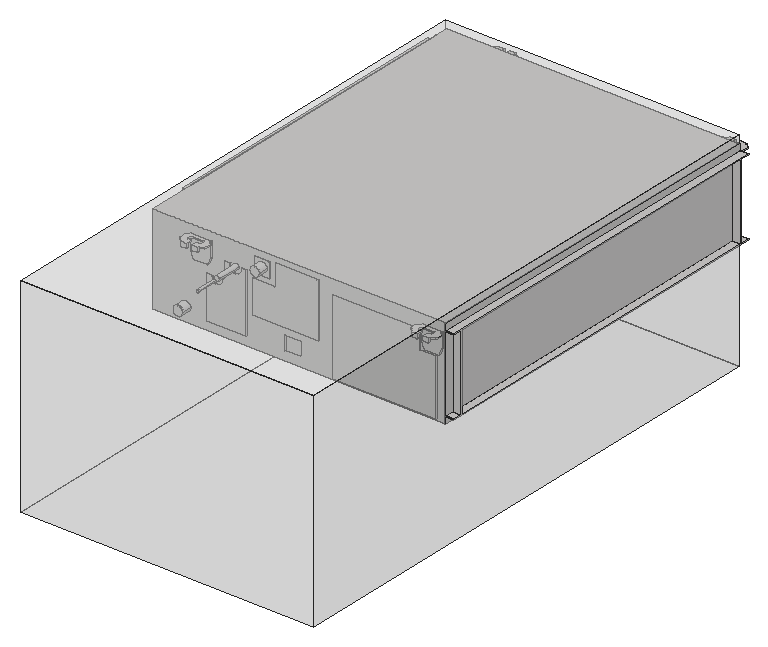
Revit family "outputfile", category 機械設備, Revit 2024
Family settings
  丸型コネクタ寸法 = 半径を使用
  パーツ タイプ = 標準
  OmniClass 番号 = 23.75.10.24.21.27.27
  OmniClass タイトル = Split System Air Conditioning Units
  作業面ベース = いいえ
  常に垂直 = はい
  ロード時にボイドで切り取り = いいえ
  注釈の向きを維持 = いいえ
  共有 = いいえ
  部屋計算ポイント = はい
Parameters (values of type "FXSA63AVM4")
  製造元 = "Daikin"
  書き出し IFC クラス(タイプ) = "IfcUnitaryEquipmentType"
  定義済み IFC タイプ(タイプ) = "AIRCONDITIONINGUNIT"
  モデル = "FXSA63AVM4"
  switch_frequency = yes
  r_Liquid Pipe Size = Liquid Pipe Size / 2  # 3.2 mm
  r_Gas Pipe Size = Gas Pipe Size / 2  # 6.35 mm
  r_Drain Pipe Size = Drain Pipe Size / 2  # 12.5 mm
  lw_power = 770.0 mm
  lh_SA = 138.0 mm
  lw_SA = if(Width = 550.0 mm, 225.0 mm, if(Width = 700.0 mm, 300.0 mm, if(Width = 1000.0 mm, 450.0 mm, if(Width = 1400.0 mm, 650.0 mm, 725.0 mm))))  # 450.0 mm
  lw_RA = if(Width = 550.0 mm, 275.0 mm, if(Width = 700.0 mm, 349.0 mm, if(Width = 1000.0 mm, 499.0 mm, if(Width = 1400.0 mm, 699.0 mm, 775.0 mm))))  # 499.0 mm
  lh_power = 60.0 mm + [h***]  # 60.0 mm
  lh_mountinghole1 = lh_mountinghole + [h***]  # 222.0 mm
  lh_RA = 123.0 mm
  ld_power = Width / 2  # 500.0 mm
  connector_voltage = Voltage_50Hz  # 220 V
  connector_powerinput = [Power Input (Cooling)]  # 0.106 kW
  connector_phase = Phase_50Hz  # 1
  Voltage_comment_60Hz = "220"
  Voltage_comment_50Hz = "220-240"
  Voltage_60Hz = 220 V
  Voltage_50Hz = 220 V
  Total Heating Capacity [instance] = 0.000 kW
  Supply Air Direction [instance] = yes
  Sound Power Level_H speed (dB) = 64
  Power Input (Heating) = 0.101 kW
  Phase_60Hz = 1
  Phase_50Hz = 1
  Nominal Heating Capacity = 8.000 kW
  Minimum External Static Pressure = 50.00 Pa
  Minimum Circuit Amps_60Hz = 1.8 A
  Minimum Circuit Amps_50Hz = 1.8 A
  Maximum Fuse Amps_60Hz = 16.0 A
  Maximum Fuse Amps_50Hz = 16.0 A
  Maximum External Static Pressure = 150.00 Pa
  Material_Casing = DAIKIN_GalvanizedSteel_Casing_indoorunit
  lw_mountinghole = 630.0 mm
  lh_gaspipe = 183.0 mm + [h***]  # 183.0 mm
  lh_mountinghole = 222.0 mm
  lh_liquidpipe = 136.0 mm + [h***]  # 136.0 mm
  lh_drainpipe = 207.0 mm + [h***]  # 207.0 mm
  lh_antena = Height - lh_mountinghole + 1.0 mm  # 24.0 mm
  ld_drainpipe = Width / 2 + 26.0 mm  # 526.0 mm
  ld_liquidpipe = 569.0 mm
  ld_gaspipe = Width / 2 + 65.0 mm  # 565.0 mm
  ld_mountinghole = Width + 38.0 mm  # 1038.0 mm
  h*** = 0.0 mm
  lw_liquidpipe = 179.0 mm
  lw_gaspipe = 229.0 mm
  lw_drainpipe = 300.0 mm
  Width = 1000.0 mm
  Version = "ver.1.0"
  Unit Type = "Duct_M.S.P."
  Unit Mass Weight = 35.00 kg
  Unit Designation [instance] = ""
  Uniclass2015Version = "Products v1.30"
  Uniclass2015Title = "Variable refrigerant flow units"
  Uniclass2015Code = "Pr_70_65_03_94"
  Total Cooling Capacity [instance] = 0.000 kW
  Sound Pressure Level_M speed (dBA) = 32
  Sound Pressure Level_L speed (dBA) = 29
  Sound Pressure Level_H speed (dBA) = 36
  Series = "VRV Fan Coil Unit"
  Sensible Cooling Capacity [instance] = 0.000 kW
  SA Duct Size Width = 792.0 mm
  SA Duct Size Height = 176.0 mm
  Refrigerant Type = "R32"
  RA Duct Size Width = 952.0 mm
  RA Duct Size Height = 208.0 mm
  Power Input (Cooling) = 0.106 kW
  Option Accessory 3 [instance] = ""
  Option Accessory 2 [instance] = ""
  Option Accessory 1 [instance] = ""
  Nominal Cooling Capacity = 7.100 kW
  Minimum Airflow = 870.00 m³/h
  Median Airflow = 1050.00 m³/h
  Maximum Airflow = 1260.00 m³/h
  Load Classification = HVAC
  Liquid Pipe Size = 6.4 mm
  Link_Nested Family [instance] = ""
  IfcVersion = ""
  IfcExportType = "AIRCONDITIONINGUNIT"
  IfcExportAs = "IfcUnitaryEquipmentType"
  Height = 245.0 mm
  Heating Entering Wet Bulb Temperature [instance] = -273.15 °C
  Heating Entering Dry Bulb Temperature [instance] = -273.15 °C
  Heating Ambient Wet Bulb Temperature [instance] = -273.15 °C
  Heating Ambient Dry Bulb Temperature [instance] = -273.15 °C
  Heat Exchanger Type = "Cross Fin Coil"
  Gas Pipe Size = 12.7 mm
  Frequency_60Hz = 60 Hz
  Frequency_50Hz = 50 Hz
  Fan Type = "Sirocco Fan"
  Fan Drive = "Direct Drive"
  FCU Tag No. [instance] = ""
  Drain Pipe Size = 25.0 mm
  Design Supply Airflow [instance] = 0.00 m³/h
  Design Return Airflow [instance] = 0.00 m³/h
  Design External Static Pressure [instance] = 0.00 Pa
  Depth = 800.0 mm
  既定の高さ = 0.0 mm
  Cooling Entering Wet Bulb Temperature [instance] = 0.00 °C
  Cooling Entering Dry Bulb Temperature [instance] = 0.00 °C
  Cooling Ambient Wet Bulb Temperature [instance] = 0.00 °C
  Cooling Ambient Dry Bulb Temperature [instance] = 0.00 °C
  Clearance visibility [instance] = yes
  Clearance Top = 20.0 mm
  Clearance Right = 0.0 mm
  Clearance Rear = 0.0 mm
  Clearance Left = 0.0 mm
  Clearance Front = 450.0 mm
  Clearance Bottom = 300.0 mm
Reference planes
  plane 1 "Center (Front/Back)": y = 0
  plane 2 "h": z = 0
  plane 3 "Center (Left/Right)": x = 0
  plane 4 "Back": y = 500
  plane 5 "Front": y = -500
  plane 6 "Left": x = -400
  plane 7 "Right": x = 400
  plane 8 "Top": z = 0
  plane 9 "Bottom": z = -245
  plane 10: y = -215
  plane 11: y = 500
  plane 12: y = -950
  plane 13: x = -400
  plane 14: x = 400
  plane 15: z = 20
  plane 16: z = -545
  plane 17: x = -400
  plane 18: x = -399
  plane 19: x = 399
  plane 20: y = 50
  plane 21: y = -1
  plane 22: z = -122
  plane 23: y = -501
  plane 24: z = -109
  plane 25: x = -221
  plane 26: y = -565
  plane 27: z = -62
  plane 28: x = -171
  plane 29: y = -526
  plane 30: z = -38
  plane 31: x = -100
  plane 32: x = -100
  plane 33: x = -221
  plane 34: x = -171
  plane 35: x = 370
  plane 36: x = -266
  plane 37: x = 364
  plane 38: y = -519
  plane 39: y = 519
  plane 40: z = -23
  plane 41: z = -107
  plane 42: y = -569
  plane 43: z = -207
  plane 44: x = -309
  plane 45: y = -376
  plane 46: x = -251
  plane 47: x = -203
  plane 48: x = -144
  plane 49: z = -59
  plane 50: z = -106
  plane 51: z = -221
  plane 52: z = -109
  plane 53: x = -221
  plane 54: z = -62
  plane 55: x = -171
  plane 56: z = -17
  plane 57: z = -59
  plane 58: x = -121
  plane 59: x = -79
  plane 60: x = -125
  plane 61: x = -64
  plane 62: x = 53
  plane 63: z = -164
  plane 64: z = -73
  plane 65: z = -16
  plane 66: x = 93.5
  plane 67: x = 374.5
  plane 68: x = 330
  plane 69: z = -88.5
  plane 70: z = -38
  plane 71: z = -242.5
  plane 72: x = -38.5
  plane 73: x = 6.5
  plane 74: z = -181
  plane 75: z = -221
  plane 76: y = -499
  plane 77: x = -424
  plane 78: x = 424
Forms (mm)
  Extrusion 1, solid, material "DAIKIN_GalvanizedSteel_Casing_indoorunit" <- "Material_Casing"
    sketch origin (0, 0, 0) x (1, 0, 0) y (0, 1, 0)
      loop
        line (-399, 500) -> (-399, -500) -> (399, -500) -> (399, 500) -> (-399, 500)
    from -245 to 0
  Extrusion 2, solid, material "DAIKIN_GalvanizedSteel_Casing_indoorunit" <- "Material_Casing"
    sketch origin (0, 0, 0) x (1, 0, 0) y (0, 0, 1)
      loop
        line (-251, -221) -> (-144, -221) -> (-144, -59) -> (-154.47, -59)
        arc (-154.47, -59) -> (-171, -78.8) -> (-187.53, -59) r 16.8
        line (-187.53, -59) -> (-203, -59) -> (-203, -106) -> (-206.916, -106)
        arc (-206.916, -106) -> (-221, -123.4) -> (-235.084, -106) r 14.4
        line (-235.084, -106) -> (-251, -106) -> (-251, -221)
    from 500 to 501
  Extrusion 3, solid, material "DAIKIN_GalvanizedSteel_Casing_indoorunit" <- "Material_Casing"
    sketch origin (0, 0, 0) x (1, 0, 0) y (0, 0, 1)
      loop
        line (-121, -17) -> (-121, -59) -> (-79, -59) -> (-79, -17) -> (-121, -17)
      loop
        line (-125, -73) -> (-125, -164) -> (53, -164) -> (53, -16) -> (-64, -16) -> (-64, -73) -> (-125, -73)
    from 500 to 501
  Extrusion 4, solid, material "DAIKIN_GalvanizedSteel_Casing_indoorunit" <- "Material_Casing"
    sketch origin (0, 0, 0) x (1, 0, 0) y (0, 0, 1)
      loop
        line (93.5, -38) -> (93.5, -242.5) -> (374.5, -242.5) -> (374.5, -88.5) -> (330, -88.5) -> (330, -38) -> (93.5, -38)
    from 500 to 501
  Extrusion 5, solid, material "DAIKIN_GalvanizedSteel_Casing_indoorunit" <- "Material_Casing"
    sketch origin (0, 0, 0) x (1, 0, 0) y (0, 0, 1)
      loop
        circle (-221, -109) r 3.2
    from 500 to 569
  Extrusion 6, solid, material "DAIKIN_GalvanizedSteel_Casing_indoorunit" <- "Material_Casing"
    sketch origin (0, 0, 0) x (1, 0, 0) y (0, 0, 1)
      loop
        circle (-171, -62) r 6.35
    from 500 to 565
  Extrusion 7, solid, material "DAIKIN_GalvanizedSteel_Casing_indoorunit" <- "Material_Casing"
    sketch origin (0, 0, 0) x (1, 0, 0) y (0, 0, 1)
      loop
        circle (-100, -38) r 12.5
    from 501 to 526
  Extrusion 8, solid, material "DAIKIN_GalvanizedSteel_Casing_indoorunit" <- "Material_Casing"
    sketch origin (0, 0, 0) x (1, 0, 0) y (0, 0, 1)
      loop
        circle (-309, -207) r 13
    from 500 to 526
  Extrusion 9, void
    sketch origin (0, 0, 0) x (1, 0, 0) y (0, 0, 1)
      loop
        line (-38.5, -181) -> (-38.5, -221) -> (6.5, -221) -> (6.5, -181) -> (-38.5, -181)
    from 499 to 500
Cuts and joins
  Extrusion 9 cuts Extrusion 1
Dimensions and locks
  "Height": plane 8 "Top" to plane 9 "Bottom"
  equal spacing: plane 4 "Back", plane 1 "Center (Front/Back)", plane 5 "Front"
  "Width": plane 4 "Back" to plane 5 "Front"
  equal spacing: plane 6 "Left", plane 3 "Center (Left/Right)", plane 7 "Right"
  "Depth": plane 6 "Left" to plane 7 "Right"
  "Clearance Left": plane 13 to plane 6 "Left"
  "Clearance Right": plane 7 "Right" to plane 14
  "Clearance Rear": plane 11 to plane 4 "Back"
  "Clearance Front": plane 5 "Front" to plane 12
  "Clearance Top": plane 15 to plane 8 "Top"
  "Clearance Bottom": plane 9 "Bottom" to plane 16
  locked: plane 17 to plane 18 at 1
  locked: plane 19 to plane 14 at 1
  "lw_SA": plane 11 to plane 20
  "lw_RA": plane 21 to plane 5 "Front"
  "lh_RA": plane 22 to plane 9 "Bottom"
  locked: plane 5 "Front" to plane 23 at 1
  "lw_liquidpipe": plane 25 to plane 6 "Left"
  "lh_liquidpipe": plane 24 to plane 9 "Bottom"
  "lh_gaspipe": plane 27 to plane 9 "Bottom"
  "lw_gaspipe": plane 28 to plane 6 "Left"
  "ld_gaspipe": plane 26 to plane 1 "Center (Front/Back)"
  "ld_drainpipe": plane 29 to plane 1 "Center (Front/Back)"
  "lh_drainpipe": plane 30 to plane 9 "Bottom"
  "lw_drainpipe": plane 31 to plane 6 "Left"
  "lw_drainpipe": plane 6 "Left" to plane 32
  "lw_liquidpipe": plane 6 "Left" to plane 33
  "lw_gaspipe": plane 6 "Left" to plane 34
  "lw_power": plane 6 "Left" to plane 35
  locked: plane 17 to plane 36 at 134
  "lw_mountinghole": plane 36 to plane 37
  equal spacing: plane 38, plane 1 "Center (Front/Back)", plane 39
  "ld_mountinghole": plane 39 to plane 38
  "lh_mountinghole": plane 40 to plane 9 "Bottom"
  "lh_SA": plane 41 to plane 9 "Bottom"
  locked: plane 44 to plane 6 "Left" at 91
  locked: plane 43 to plane 9 "Bottom" at 38
  plane 48 to plane 47 to plane 46 to plane 6 "Left" = 59.0 mm, 48.0 mm, 149.0 mm
  plane 8 "Top" to plane 49 to plane 50 to plane 51 = 59.0 mm locked, 47.0 mm locked, 115.0 mm locked
  plane 55 to plane 53 to plane 6 "Left" = 50.0 mm locked, 179.0 mm locked
  plane 54 to plane 52 to plane 9 "Bottom" = 47.0 mm locked, 136.0 mm locked
  plane 59 to plane 58 to plane 6 "Left" = 42.0 mm locked, 279.0 mm locked
  plane 8 "Top" to plane 56 to plane 57 = 17.0 mm locked, 42.0 mm locked
  plane 62 to plane 61 to plane 60 to plane 6 "Left" = 117.0 mm, 61.0 mm, 275.0 mm
  plane 8 "Top" to plane 65 to plane 64 = 16.0 mm locked, 57.0 mm locked
  locked: plane 65 to plane 63 at 148
  plane 8 "Top" to plane 70 to plane 69 to plane 71 = 38.0 mm locked, 50.5 mm locked, 154.0 mm locked
  plane 67 to plane 68 to plane 66 to plane 6 "Left" = 44.5 mm locked, 236.5 mm locked, 493.5 mm locked
  plane 8 "Top" to plane 74 to plane 75 = 181.0 mm locked, 40.0 mm locked
  plane 73 to plane 72 to plane 6 "Left" = 45.0 mm, 361.5 mm
  locked: plane 76 to plane 5 "Front" at 1
  locked: plane 77 to plane 17 at 24
  locked: plane 14 to plane 78 at 24
  "ld_liquidpipe": plane 42 to plane 1 "Center (Front/Back)"
  "r_Liquid Pipe Size": radius of Extrusion 5 sketch curve
  "r_Gas Pipe Size": radius of Extrusion 6 sketch curve
  "r_Drain Pipe Size": radius of Extrusion 7 sketch curve
  aligned and locked: level to plane 2 "h"
  aligned and locked: plane 8 "Top" to Extrusion 1
  aligned and locked: Extrusion 1 to plane 9 "Bottom"
  aligned and locked: nested 5 to plane 12
  aligned and locked: plane 13 to nested 5
  aligned and locked: plane 14 to nested 5
  aligned and locked: nested 5 to plane 13
  aligned and locked: plane 11 to nested 5
  aligned and locked: plane 15 to nested 5
  aligned and locked: plane 16 to nested 5
  aligned and locked: plane 5 "Front" to Extrusion 1 sketch curve
  aligned and locked: Extrusion 1 to plane 18
  aligned and locked: plane 19 to Extrusion 1
  aligned and locked: nested 7 to plane 18
  aligned and locked: nested 7 to plane 20
  aligned and locked: plane 19 to nested 8
  aligned and locked: plane 21 to nested 8
  aligned and locked: plane 22 to nested 8
  aligned and locked: Extrusion 2 to plane 23
  aligned and locked: plane 5 "Front" to Extrusion 2
  aligned and locked: Extrusion 3 to plane 23
  aligned and locked: plane 5 "Front" to Extrusion 3
  aligned and locked: plane 5 "Front" to Extrusion 4
  aligned and locked: Extrusion 5 sketch curve to plane 25
  aligned and locked: plane 24 to Extrusion 5 sketch curve
  aligned and locked: plane 5 "Front" to Extrusion 5
  aligned and locked: Extrusion 6 sketch curve to plane 28
  aligned and locked: plane 27 to Extrusion 6 sketch curve
  aligned and locked: plane 5 "Front" to Extrusion 6
  aligned and locked: Extrusion 7 sketch curve to plane 31
  aligned and locked: Extrusion 7 sketch curve to plane 30
  aligned and locked: Extrusion 7 to plane 29
  aligned and locked: plane 23 to Extrusion 7
  aligned and locked: nested 3 to plane 29
  aligned and locked: plane 32 to nested 3
  aligned and locked: nested 2 to plane 33
  aligned and locked: nested 1 to plane 34
  aligned and locked: Extrusion 6 to plane 26
  aligned and locked: nested 1 to plane 26
  aligned and locked: nested 6 to plane 5 "Front"
  aligned and locked: nested 6 to plane 35
  aligned and locked: plane 36 to nested 10
  aligned and locked: nested 10 to plane 5 "Front"
  aligned and locked: plane 37 to nested 9
  aligned and locked: nested 9 to plane 5 "Front"
  aligned and locked: nested 11 to plane 36
  aligned and locked: plane 4 "Back" to nested 11
  aligned and locked: nested 12 to plane 37
  aligned and locked: plane 4 "Back" to nested 12
  aligned and locked: plane 40 to nested 10
  aligned and locked: plane 40 to nested 11
  aligned and locked: plane 40 to nested 9
  aligned and locked: plane 40 to nested 12
  aligned and locked: plane 36 to nested 14
  aligned and locked: nested 14 to plane 39
  aligned and locked: plane 37 to nested 13
  aligned and locked: nested 13 to plane 39
  aligned and locked: plane 37 to nested 16
  aligned and locked: plane 38 to nested 16
  aligned and locked: plane 38 to nested 15
  aligned and locked: plane 36 to nested 15
  aligned and locked: plane 17 to plane 6 "Left"
  aligned and locked: plane 41 to nested 7
  aligned and locked: Extrusion 5 to plane 42
  aligned and locked: nested 2 to plane 42
  aligned and locked: Extrusion 8 sketch curve to plane 44
  aligned and locked: plane 43 to Extrusion 8 sketch curve
  aligned and locked: plane 5 "Front" to Extrusion 8
  aligned and locked: Extrusion 3 sketch curve to plane 56
  aligned and locked: Extrusion 3 sketch curve to plane 58
  aligned and locked: plane 57 to Extrusion 3 sketch curve
  aligned and locked: plane 59 to Extrusion 3 sketch curve
  aligned and locked: Extrusion 4 to plane 23
  aligned and locked: Extrusion 9 sketch curve to plane 74
  aligned and locked: plane 75 to Extrusion 9 sketch curve
  aligned and locked: plane 73 to Extrusion 9 sketch curve
  aligned and locked: plane 5 "Front" to Extrusion 9
  aligned and locked: plane 76 to Extrusion 9
  aligned and locked: nested 17 to plane 20
  aligned and locked: nested 17 to plane 77
  aligned and locked: plane 21 to nested 18
  aligned and locked: plane 78 to nested 18
  aligned and locked: plane 41 to nested 17
  aligned and locked: nested 18 to plane 22
  aligned and locked: nested 4 to plane 3 "Center (Left/Right)"
  aligned and locked: plane 1 "Center (Front/Back)" to nested 4
  aligned and locked: level to plane 8 "Top"
  aligned and locked: Extrusion 8 to plane 29
Automatic sketch dimensions
  plane 6 "Left" to Extrusion 1 sketch curve = 1.0 mm
  Extrusion 1 sketch curve to plane 7 "Right" = 1.0 mm
  Extrusion 1 sketch curve to plane 4 "Back" = 0.0 mm
  Extrusion 2 sketch curve to plane 46 = 0.0 mm
  Extrusion 2 sketch curve to plane 33 = 0.0 mm
  Extrusion 2 sketch curve to plane 47 = 0.0 mm
  Extrusion 2 sketch curve to plane 34 = 0.0 mm
  Extrusion 2 sketch curve to plane 48 = 0.0 mm
  Extrusion 2 sketch curve to plane 51 = 0.0 mm
  Extrusion 2 sketch curve to plane 52 = 0.0 mm
  Extrusion 2 sketch curve to plane 50 = 0.0 mm  (x3)
  Extrusion 2 sketch curve to plane 54 = 0.0 mm
  Extrusion 2 sketch curve to plane 49 = 0.0 mm  (x3)
  plane 33 to Extrusion 2 sketch curve = 14.084 mm
  plane 34 to Extrusion 2 sketch curve = 16.53 mm
  Extrusion 3 sketch curve to plane 60 = 0.0 mm
  Extrusion 3 sketch curve to plane 61 = 0.0 mm
  Extrusion 3 sketch curve to plane 62 = 0.0 mm
  Extrusion 3 sketch curve to plane 63 = 0.0 mm
  Extrusion 3 sketch curve to plane 64 = 0.0 mm
  Extrusion 3 sketch curve to plane 65 = 0.0 mm
  Extrusion 4 sketch curve to plane 66 = 0.0 mm
  Extrusion 4 sketch curve to plane 68 = 0.0 mm
  Extrusion 4 sketch curve to plane 67 = 0.0 mm
  Extrusion 4 sketch curve to plane 71 = 0.0 mm
  Extrusion 4 sketch curve to plane 69 = 0.0 mm
  Extrusion 4 sketch curve to plane 70 = 0.0 mm
  Extrusion 9 sketch curve to plane 72 = 0.0 mm
  radius of Extrusion 8 sketch curve = 13.0 mm
Nested families
  nested 1: "daikin_connector_rotate2" at (-171, 0, -62), length <- "ld_gaspipe", built-in parameter 1001364 <- "lh_gaspipe", radius <- "r_Gas Pipe Size", type "daikin_connector_rotate2"
    with radius 6.35 mm, length 565.0 mm, angle_vertical 90.00°
  nested 2: "daikin_connector_rotate2" at (-221, 0, -109), length <- "ld_liquidpipe", built-in parameter 1001364 <- "lh_liquidpipe", radius <- "r_Liquid Pipe Size", type "daikin_connector_rotate2"
    with radius 3.2 mm, length 569.0 mm, angle_vertical 90.00°
  nested 3: "daikin_connector_rotate2" at (-100, 0, -38), length <- "ld_drainpipe", built-in parameter 1001364 <- "lh_drainpipe", radius <- "r_Drain Pipe Size", type "daikin_connector_rotate2"
    with radius 12.5 mm, length 526.0 mm, angle_vertical 90.00°
  nested 4: "daikin_△_symbolicline" at (0, 0, 245) x (0, -1, 0) z (0, 0, 1), built-in parameter 1001364 <- "Height", visible <- "Supply Air Direction", type "daikin_△_symbolicline"
    with length 200.0 mm
  nested 5: "daikin_clearancespace" at (0, -225, -262.381), visible <- "Clearance visibility", show <- "Clearance visibility", Link_Nested Family <- "Link_Nested Family", type "daikin_clearancespace"
    with width 800.0 mm, show yes, height 565.0 mm, depth 1450.0 mm, Link_Nested Family ""
  nested 6: "daikin_connector_rotate2" at (370, 0, -185), built-in parameter 1001364 <- "lh_power", length <- "ld_power", type "daikin_connector_rotate2"
    with radius 10.0 mm, length 500.0 mm, angle_vertical 90.00°
  nested 7: "daikin_ductflange_FXFSA-AVM4_2" at (-399, 50, -107) x (0, -1, 0) z (0, 0, 1), type "daikin_ductflange_FXFSA-AV4_2"
    with width 792.0 mm, w 1000.0 mm
  nested 8: "daikin_ductflange_FXFSA-AVM4" at (399, -1, -122) x (0, 1, 0) z (0, 0, 1), type "daikin_ductflange_FXFSA-AVM4"
    with width 952.0 mm, lw 25.0 mm, w 1000.0 mm
  nested 9: "FXFSA-AVM4" at (364, -500, -23), type "daikin_hangerfixture_FXSA-AVM4"
  nested 10: "FXFSA-AVM4" at (-266, -500, -23), type "daikin_hangerfixture_FXSA-AVM4"
  nested 11: "FXFSA-AVM4" at (-266, 500, -23) x (-1, 0, 0) z (0, 0, 1), type "daikin_hangerfixture_FXSA-AVM4"
  nested 12: "FXFSA-AVM4" at (364, 500, -23) x (-1, 0, 0) z (0, 0, 1), type "daikin_hangerfixture_FXSA-AVM4"
  nested 13: "daikin_mountinghole" at (364, 519, -245), h_mountinghole <- "lh_mountinghole1", l_antenna <- "lh_antena", Link_Nested Family <- "Link_Nested Family", type "daikin_mountinghole"
    with show yes, l_antenna 24.0 mm, h_mountinghole 222.0 mm, Link_Nested Family ""
  nested 14: "daikin_mountinghole" at (-266, 519, -245), h_mountinghole <- "lh_mountinghole1", l_antenna <- "lh_antena", Link_Nested Family <- "Link_Nested Family", type "daikin_mountinghole"
    with show yes, l_antenna 24.0 mm, h_mountinghole 222.0 mm, Link_Nested Family ""
  nested 15: "daikin_mountinghole" at (-266, -519, -245), h_mountinghole <- "lh_mountinghole1", l_antenna <- "lh_antena", Link_Nested Family <- "Link_Nested Family", type "daikin_mountinghole"
    with show yes, l_antenna 24.0 mm, h_mountinghole 222.0 mm, Link_Nested Family ""
  nested 16: "daikin_mountinghole" at (364, -519, -245), h_mountinghole <- "lh_mountinghole1", l_antenna <- "lh_antena", Link_Nested Family <- "Link_Nested Family", type "daikin_mountinghole"
    with show yes, l_antenna 24.0 mm, h_mountinghole 222.0 mm, Link_Nested Family ""
  nested 17: "daikin_connector_rotate2" at (-400, 50, -107) x (0, -1, 0) z (0, 0, 1), type "daikin_connector_rotate2"
    with radius 10.0 mm, length 24.0 mm, angle_vertical 90.00°
  nested 18: "daikin_connector_rotate2" at (400, -1, -122) x (0, 1, 0) z (0, 0, 1), type "daikin_connector_rotate2"
    with radius 10.0 mm, length 24.0 mm, angle_vertical 90.00°
Connectors
  piping at (-100, -526, -38), diameter 25, driven by "r_Drain Pipe Size"
    settings: on nested 3, index 3, connector inside diameter 609.6 mm, connector length 0.0 mm, flow factor 0, pipe flow 0.00 m³/h, pressure drop 0.0 Pa, fitting loss kfactor 0, connector angle 0.00°, fixture units 0, engagement length 0.0 mm, angle of deflection 0.00°, flow configuration 1, flow direction 2, fitting loss method 4, system type 16, joint type 0, gender type 0, connector reference index -1, connector utility 0, adjustable connector no, is connector primary yes, connector description "Condensate Drain Piping"
  piping at (-171, -565, -62), diameter 12.7, driven by "r_Gas Pipe Size"
    settings: on nested 1, index 4, connector inside diameter 609.6 mm, connector length 0.0 mm, flow factor 0, pipe flow 0.00 m³/h, pressure drop 0.0 Pa, fitting loss kfactor 0, connector angle 0.00°, fixture units 0, engagement length 0.0 mm, angle of deflection 0.00°, flow configuration 1, flow direction 2, fitting loss method 0, system type 29, joint type 0, gender type 0, connector reference index -1, connector utility 0, adjustable connector no, is connector primary no, connector description "Refrigerant Gas Piping"
  piping at (-221, -569, -109), diameter 6.4, driven by "r_Liquid Pipe Size"
    settings: on nested 2, index 5, connector inside diameter 609.6 mm, connector length 0.0 mm, flow factor 0, pipe flow 0.00 m³/h, pressure drop 0.0 Pa, fitting loss kfactor 0, connector angle 0.00°, fixture units 0, engagement length 0.0 mm, angle of deflection 0.00°, flow configuration 1, flow direction 1, fitting loss method 0, system type 29, joint type 0, gender type 0, connector reference index -1, connector utility 0, adjustable connector no, is connector primary no, connector description "Refrigerant Liquid Piping"
  electrical at (370, -500, -185), driven by "Load Classification", driven by "connector_voltage", driven by "connector_phase", driven by "connector_powerinput"
    settings: on nested 6, index 6, voltage 220 V, apparent load 106 VA, apparent load phase1 0 VA, apparent load phase2 0 VA, apparent load phase3 0 VA, power factor 1, load classification "HVAC", number of poles 1, system type 30, power factor state 1, is connector primary yes, connector utility no, sub classification motor no, connector description "Power Supply"
  hvac at (-424, 50, -107), driven by "SA Duct Size Height", driven by "SA Duct Size Width"
    settings: on nested 17, index 7, duct flow 0.00 m³/h, flow factor 0, pres drop 0.00 Pa, loss coef 0, conn angle 0.00°, conn width 792.0 mm, conn height 176.0 mm, conn diameter 609.6 mm, duct sys type 1, conn prof type 1, flow config 0, flow direction 2, loss method 4, conn ref index -1, conn util no, is conn primary yes, conn desc "SA Duct"
  hvac at (424, -1, -122), driven by "RA Duct Size Height", driven by "RA Duct Size Width"
    settings: on nested 18, index 8, duct flow 0.00 m³/h, flow factor 0, pres drop 0.00 Pa, loss coef 0, conn angle 0.00°, conn width 952.0 mm, conn height 208.0 mm, conn diameter 609.6 mm, duct sys type 2, conn prof type 1, flow config 0, flow direction 1, loss method 4, conn ref index -1, conn util no, is conn primary no, conn desc "RA Duct"
Definition of nested family "daikin_clearancespace"
  Parameters (values of type "daikin_clearancespace")
    Description = "daikin_clearancespace"
    width [instance] = 1823.963 mm
    show [instance] = yes
    material = none
    height [instance] = 1359.762 mm
    depth [instance] = 880.0 mm
    Default Elevation = 0.0 mm
    Link_Nested Family [instance] = ""
  Reference planes
    plane 1 "Center (Front/Back)": y = 0
    plane 2 "Center (Elevation)": z = -0.119
    plane 3 "Center (Left/Right)": x = 0
    plane 4: y = 440
    plane 5: y = -440
    plane 6 "Right": x = 911.982
    plane 7 "Left": x = -911.982
    plane 8 "Top": z = 679.762
    plane 9 "Bottom": z = -680
  Forms (mm)
    Extrusion 1, solid, material <- "material", visible <- "show"
      sketch origin (0, 0, 0) x (1, 0, 0) y (0, 1, 0)
        loop
          line (-911.982, 440) -> (-911.982, -440) -> (911.982, -440) -> (911.982, 440) -> (-911.982, 440)
      from -680 to 679.762
  Lines and regions (mm)
    symbolic lines, visible <- "show"
      curve 1: line (911.982, 440, 0) -> (-911.982, 440, 0)
      curve 2: line (-911.982, 440, 0) -> (-911.982, -440, 0)
      curve 3: line (-911.982, -440, 0) -> (911.982, -440, 0)
      curve 4: line (911.982, -440, 0) -> (911.982, 440, 0)
      curve 5: line (911.982, 0, 679.762) -> (-911.982, 0, 679.762)
      curve 6: line (911.982, 0, -680) -> (911.982, 0, 679.762)
      curve 7: line (-911.982, 0, -680) -> (911.982, 0, -680)
      curve 8: line (-911.982, 0, 679.762) -> (-911.982, 0, -680)
      curve 9: line (0, 440, 679.762) -> (0, -440, 679.762)
      curve 10: line (0, -440, 679.762) -> (0, -440, -680)
      curve 11: line (0, 440, -680) -> (0, 440, 679.762)
      curve 12: line (0, -440, -680) -> (0, 440, -680)
  Dimensions and locks
    "width": plane 7 "Left" to plane 6 "Right"
    "depth": plane 4 to plane 5
    "height": plane 8 "Top" to plane 9 "Bottom"
    equal spacing: plane 7 "Left", plane 3 "Center (Left/Right)", plane 6 "Right"
    equal spacing: plane 4, plane 1 "Center (Front/Back)", plane 5
    equal spacing: plane 8 "Top", plane 2 "Center (Elevation)", plane 9 "Bottom"
    aligned and locked: level to plane 2 "Center (Elevation)"
    aligned and locked: Extrusion 1 sketch curve to plane 4
    aligned and locked: plane 7 "Left" to Extrusion 1 sketch curve
    aligned and locked: Extrusion 1 sketch curve to plane 5
    aligned and locked: Extrusion 1 sketch curve to plane 6 "Right"
    aligned and locked: plane 8 "Top" to Extrusion 1
    aligned and locked: curve 1 to Extrusion 1
    aligned and locked: curve 2 to Extrusion 1
    aligned and locked: curve 3 to Extrusion 1
    aligned and locked: curve 4 to Extrusion 1
    aligned and locked: curve 5 to Extrusion 1
    aligned and locked: curve 6 to Extrusion 1
    aligned and locked: curve 7 to Extrusion 1
    aligned and locked: curve 8 to Extrusion 1
    aligned and locked: curve 9 to Extrusion 1
    aligned and locked: curve 10 to Extrusion 1
    aligned and locked: curve 11 to Extrusion 1
    aligned and locked: curve 12 to Extrusion 1
    aligned and locked: Extrusion 1 to plane 9 "Bottom"
Definition of nested family "daikin_ductflange_FXFSA-AVM4_2"
  Parameters (values of type "daikin_ductflange_FBA-BVMA2")
    width = if(w = 550.0 mm, 337.0 mm, if(w = 700.0 mm, 492.0 mm, if(w = 1000.0 mm, 792.0 mm, if(w = 1400.0 mm, 1192.0 mm, 1337.0 mm))))  # 492.0 mm
    w1 = if(w = 550.0 mm, 24.0 mm, if(w = 700.0 mm, 21.5 mm, if(w = 1000.0 mm, 21.5 mm, if(w = 1400.0 mm, 21.5 mm, 24.0 mm))))  # 21.5 mm
    material = none
    height = 215.0 mm
    depth = 1.0 mm
    w = 700.0 mm
    Default Elevation = 0.0 mm
  Reference planes
    plane 1 "Center (Front/Back)": y = 0
    plane 2: z = 0
    plane 3 "Center (Left/Right)": x = 0
    plane 4: z = 88
    plane 5: z = -88
    plane 6: y = -25
    plane 7: z = 106
    plane 8: z = 89
    plane 9: y = -1
    plane 10: x = -267.5
    plane 11: x = 267.5
    plane 12: z = -106
    plane 13: z = -89
    plane 14: y = -1
    plane 15: x = 246
    plane 16: x = -246
    plane 17: x = 247
    plane 18: z = 87
    plane 19: z = -87
    plane 20: x = -247
    plane 21: z = 87
    plane 22: z = -87
    plane 23: y = -1
  Forms (mm)
    Extrusion 1, solid, material <- "material"
      sketch origin (0, 0, 0) x (0, 1, 0) y (0, 0, 1)
        loop
          line (-25, 88) -> (0, 88) -> (0, 106) -> (-1, 106) -> (-1, 89) -> (-25, 89) -> (-25, 88)
      from -267.5 to 267.5
    Extrusion 2, solid, material <- "material"
      sketch origin (0, 0, 0) x (0, 1, 0) y (0, 0, 1)
        loop
          line (-25, -88) -> (-25, -89) -> (-1, -89) -> (-1, -106) -> (0, -106) -> (0, -88) -> (-25, -88)
      from -267.5 to 267.5
    Extrusion 3, solid, material <- "material"
      sketch origin (0, 0, 0) x (1, 0, 0) y (0, 0, 1)
        loop
          line (246, 88) -> (246, -88) -> (267.5, -88) -> (267.5, -87) -> (247, -87) -> (247, 87) -> (267.5, 87) -> (267.5, 88) -> (246, 88)
      from 0 to 25
    Extrusion 4, solid, material <- "material"
      sketch origin (0, 0, 0) x (1, 0, 0) y (0, 0, 1)
        loop
          line (-267.5, 88) -> (-267.5, 87) -> (-247, 87) -> (-247, -87) -> (-267.5, -87) -> (-267.5, -88) -> (-246, -88) -> (-246, 88) -> (-267.5, 88)
      from 0 to 25
    Extrusion 5, solid, material <- "material"
      sketch origin (0, 0, 0) x (1, 0, 0) y (0, 0, 1)
        loop
          line (-267.5, 88) -> (-267.5, -88) -> (-246, -88) -> (-246, 88) -> (-267.5, 88)
        loop
          line (267.5, 88) -> (246, 88) -> (246, -88) -> (267.5, -88) -> (267.5, 88)
      from 0 to 1
  Cuts and joins
    joined: Extrusion 1, Extrusion 2, Extrusion 3, Extrusion 4, Extrusion 5
  Dimensions and locks
    plane 4 to level to plane 5 = 88.0 mm, 88.0 mm
    locked: plane 6 to plane 1 "Center (Front/Back)" at 25
    locked: plane 9 to plane 1 "Center (Front/Back)" at 1
    locked: plane 8 to plane 4 at 1
    "w1": plane 16 to plane 10
    locked: plane 17 to plane 15 at 1
    locked: plane 4 to plane 18 at 1
    locked: plane 19 to plane 5 at 1
    "width": plane 15 to plane 16
    plane 4 to plane 5 = 176.0 mm
    locked: plane 16 to plane 20 at 1
    locked: plane 4 to plane 21 at 1
    locked: plane 22 to plane 5 at 1
    locked: plane 23 to plane 1 "Center (Front/Back)" at 1
    plane 4 to level to plane 5 = 88.0 mm locked, 88.0 mm locked
    locked: plane 5 to plane 13 at 1
    locked: plane 5 to plane 12 at 18
    locked: plane 7 to plane 4 at 18
    equal spacing: plane 15, plane 3 "Center (Left/Right)", plane 16
    "w1": plane 11 to plane 15
    plane 11 to plane 10 = 535.0 mm
    aligned and locked: level to plane 2
    aligned and locked: Extrusion 1 to plane 10
    aligned and locked: plane 11 to Extrusion 1
    aligned and locked: plane 5 to Extrusion 2
    aligned and locked: Extrusion 2 to plane 1 "Center (Front/Back)"
    aligned and locked: plane 15 to Extrusion 3 sketch curve
    aligned and locked: Extrusion 3 sketch curve to Extrusion 2  (x2)
    aligned and locked: Extrusion 3 sketch curve to plane 11
    aligned and locked: plane 6 to Extrusion 3
    aligned and locked: Extrusion 2 to plane 10
    aligned and locked: plane 11 to Extrusion 2
    aligned and locked: Extrusion 4 sketch curve to Extrusion 1  (x2)
    aligned and locked: plane 5 to Extrusion 4 sketch curve
    aligned and locked: Extrusion 4 sketch curve to plane 16
    aligned and locked: Extrusion 4 sketch curve to plane 22
    aligned and locked: plane 20 to Extrusion 4 sketch curve
    aligned and locked: plane 21 to Extrusion 4 sketch curve
    aligned and locked: Extrusion 4 to plane 1 "Center (Front/Back)"
    aligned and locked: plane 6 to Extrusion 4
    aligned and locked: Extrusion 5 sketch curve to Extrusion 1  (x4)
    aligned and locked: Extrusion 5 sketch curve to Extrusion 4  (x2)
    aligned and locked: Extrusion 5 sketch curve to Extrusion 3  (x2)
    aligned and locked: Extrusion 5 to plane 1 "Center (Front/Back)"
    aligned and locked: plane 23 to Extrusion 5
  Automatic sketch dimensions
    Extrusion 1 sketch curve to plane 6 = 0.0 mm
    Extrusion 1 sketch curve to plane 7 = 0.0 mm
    Extrusion 1 sketch curve to plane 9 = 0.0 mm
    Extrusion 1 sketch curve to plane 1 "Center (Front/Back)" = 0.0 mm
    Extrusion 1 sketch curve to plane 4 = 0.0 mm
    Extrusion 1 sketch curve to plane 8 = 0.0 mm
    Extrusion 2 sketch curve to plane 6 = 0.0 mm
    plane 12 to Extrusion 2 sketch curve = 0.0 mm
    Extrusion 2 sketch curve to plane 14 = 0.0 mm
    Extrusion 2 sketch curve to plane 1 "Center (Front/Back)" = 0.0 mm
    plane 13 to Extrusion 2 sketch curve = 0.0 mm
    Extrusion 2 sketch curve to plane 5 = 0.0 mm
    Extrusion 3 sketch curve to plane 17 = 0.0 mm
    Extrusion 3 sketch curve to plane 19 = 0.0 mm
    Extrusion 3 sketch curve to plane 18 = 0.0 mm
    Extrusion 3 sketch curve to plane 4 = 0.0 mm
    Extrusion 4 sketch curve to plane 10 = 0.0 mm
Definition of nested family "daikin_ductflange_FXFSA-AVM4"
  Parameters (values of type "daikin_ductflange_FBFC-DVMG")
    width = if(w = 550.0 mm, 502.0 mm, if(w = 700.0 mm, 654.0 mm, if(w = 1000.0 mm, 952.0 mm, if(w = 1400.0 mm, 1352.0 mm, 1502.0 mm))))  # 654.0 mm
    material = none
    lw = if(width = 654.0 mm, 23.0 mm, 25.0 mm)  # 23.0 mm
    height = 208.0 mm
    depth = 1.0 mm
    w = 700.0 mm
    Default Elevation = 0.0 mm
  Reference planes
    plane 1 "Center (Front/Back)": y = 0
    plane 2: z = 0
    plane 3 "Center (Left/Right)": x = 0
    plane 4: z = 104
    plane 5: z = -104
    plane 6: y = -25
    plane 7: z = 121
    plane 8: z = 105
    plane 9: y = -1
    plane 10: x = -350
    plane 11: x = 350
    plane 12: z = -122
    plane 13: z = -105
    plane 14: y = -1
    plane 15: x = 327
    plane 16: x = -327
    plane 17: x = 328
    plane 18: z = 103
    plane 19: z = -103
    plane 20: x = -328
    plane 21: z = 103
    plane 22: z = -103
    plane 23: y = -1
  Forms (mm)
    Extrusion 1, solid, material <- "material"
      sketch origin (0, 0, 0) x (0, 1, 0) y (0, 0, 1)
        loop
          line (-25, 104) -> (0, 104) -> (0, 121) -> (-1, 121) -> (-1, 105) -> (-25, 105) -> (-25, 104)
      from -350 to 350
    Extrusion 2, solid, material <- "material"
      sketch origin (0, 0, 0) x (0, 1, 0) y (0, 0, 1)
        loop
          line (-25, -104) -> (-25, -105) -> (-1, -105) -> (-1, -122) -> (0, -122) -> (0, -104) -> (-25, -104)
      from -350 to 350
    Extrusion 3, solid, material <- "material"
      sketch origin (0, 0, 0) x (1, 0, 0) y (0, 0, 1)
        loop
          line (327, 104) -> (327, -104) -> (350, -104) -> (350, -103) -> (328, -103) -> (328, 103) -> (350, 103) -> (350, 104) -> (327, 104)
      from 0 to 25
    Extrusion 4, solid, material <- "material"
      sketch origin (0, 0, 0) x (1, 0, 0) y (0, 0, 1)
        loop
          line (-350, 104) -> (-350, 103) -> (-328, 103) -> (-328, -103) -> (-350, -103) -> (-350, -104) -> (-327, -104) -> (-327, 104) -> (-350, 104)
      from 0 to 25
    Extrusion 5, solid, material <- "material"
      sketch origin (0, 0, 0) x (1, 0, 0) y (0, 0, 1)
        loop
          line (-350, 104) -> (-350, -104) -> (-327, -104) -> (-327, 104) -> (-350, 104)
        loop
          line (350, 104) -> (327, 104) -> (327, -104) -> (350, -104) -> (350, 104)
      from 0 to 1
  Cuts and joins
    joined: Extrusion 1, Extrusion 2, Extrusion 3, Extrusion 4, Extrusion 5
  Dimensions and locks
    plane 4 to level to plane 5 = 104.0 mm, 104.0 mm
    locked: plane 6 to plane 1 "Center (Front/Back)" at 25
    locked: plane 9 to plane 1 "Center (Front/Back)" at 1
    locked: plane 8 to plane 4 at 1
    "lw": plane 11 to plane 15
    "lw": plane 16 to plane 10
    locked: plane 17 to plane 15 at 1
    locked: plane 4 to plane 18 at 1
    locked: plane 19 to plane 5 at 1
    "width": plane 15 to plane 16
    equal spacing: plane 15, plane 3 "Center (Left/Right)", plane 16
    locked: plane 16 to plane 20 at 1
    locked: plane 4 to plane 21 at 1
    locked: plane 22 to plane 5 at 1
    locked: plane 23 to plane 1 "Center (Front/Back)" at 1
    locked: plane 7 to plane 4 at 17
    locked: plane 1 "Center (Front/Back)" to plane 14 at 1
    locked: plane 5 to plane 13 at 1
    "height": plane 4 to plane 5
    plane 11 to plane 10 = 700.0 mm
    locked: plane 12 to plane 13 at 17
    equal spacing: plane 4, level, plane 5
    aligned and locked: level to plane 2
    aligned and locked: Extrusion 1 to plane 10
    aligned and locked: plane 11 to Extrusion 1
    aligned and locked: plane 5 to Extrusion 2
    aligned and locked: Extrusion 2 to plane 1 "Center (Front/Back)"
    aligned and locked: plane 15 to Extrusion 3 sketch curve
    aligned and locked: Extrusion 3 sketch curve to Extrusion 2  (x2)
    aligned and locked: Extrusion 3 sketch curve to plane 11
    aligned and locked: plane 6 to Extrusion 3
    aligned and locked: Extrusion 2 to plane 10
    aligned and locked: plane 11 to Extrusion 2
    aligned and locked: Extrusion 4 sketch curve to Extrusion 1  (x2)
    aligned and locked: plane 5 to Extrusion 4 sketch curve
    aligned and locked: Extrusion 4 sketch curve to plane 16
    aligned and locked: Extrusion 4 sketch curve to plane 22
    aligned and locked: plane 20 to Extrusion 4 sketch curve
    aligned and locked: plane 21 to Extrusion 4 sketch curve
    aligned and locked: Extrusion 4 to plane 1 "Center (Front/Back)"
    aligned and locked: plane 6 to Extrusion 4
    aligned and locked: Extrusion 5 sketch curve to Extrusion 1  (x4)
    aligned and locked: Extrusion 5 sketch curve to Extrusion 4  (x2)
    aligned and locked: Extrusion 5 sketch curve to Extrusion 3  (x2)
    aligned and locked: Extrusion 5 to plane 1 "Center (Front/Back)"
    aligned and locked: plane 23 to Extrusion 5
  Automatic sketch dimensions
    Extrusion 1 sketch curve to plane 6 = 0.0 mm
    Extrusion 1 sketch curve to plane 7 = 0.0 mm
    Extrusion 1 sketch curve to plane 9 = 0.0 mm
    Extrusion 1 sketch curve to plane 1 "Center (Front/Back)" = 0.0 mm
    Extrusion 1 sketch curve to plane 4 = 0.0 mm
    Extrusion 1 sketch curve to plane 8 = 0.0 mm
    Extrusion 2 sketch curve to plane 6 = 0.0 mm
    plane 12 to Extrusion 2 sketch curve = 0.0 mm
    Extrusion 2 sketch curve to plane 14 = 0.0 mm
    Extrusion 2 sketch curve to plane 1 "Center (Front/Back)" = 0.0 mm
    plane 13 to Extrusion 2 sketch curve = 0.0 mm
    Extrusion 2 sketch curve to plane 5 = 0.0 mm
    Extrusion 3 sketch curve to plane 17 = 0.0 mm
    Extrusion 3 sketch curve to plane 19 = 0.0 mm
    Extrusion 3 sketch curve to plane 18 = 0.0 mm
    Extrusion 3 sketch curve to plane 4 = 0.0 mm
    Extrusion 4 sketch curve to plane 10 = 0.0 mm
Definition of nested family "FXFSA-AVM4"
  Parameters (values of type "daikin_hangerfixture_FXMQ-PAVE")
    width = 72.0 mm
    material = none
    height = 60.0 mm
    depth = 41.0 mm
    Default Elevation = 0.0 mm
  Reference planes
    plane 1 "Center (Front/Back)": y = 0
    plane 2: z = 0
    plane 3 "Center (Left/Right)": x = 0
    plane 4: y = 417.146
    plane 5: y = -41
    plane 6: x = -36
    plane 7: x = 36
    plane 8: z = -2.3
    plane 9: z = -60
    plane 10: y = -2.3
    plane 11: z = -12
    plane 12: y = -38.7
  Forms (mm)
    Extrusion 1, solid, material <- "material"
      sketch origin (0, 0, 0) x (1, 0, 0) y (0, 1, 0)
        loop
          line (-28, 0) -> (-28, -5)
          arc (-28, -5) -> (-29.127, -8.162) -> (-32, -9.899) r 5
          arc (-32, -9.899) -> (-34.873, -11.636) -> (-36, -14.798) r 5
          line (-36, -14.798) -> (-36, -27.178)
          arc (-36, -27.178) -> (-35.429, -29.499) -> (-33.846, -31.289) r 5
          line (-33.846, -31.289) -> (-23, -38.798) -> (-23, -41.098) -> (-6.5, -41.098) -> (-6.5, -28.498)
          arc (-6.5, -28.498) -> (-7.379, -26.377) -> (-9.5, -25.498) r 3
          line (-9.5, -25.498) -> (-13.5, -25.498)
          arc (-13.5, -25.498) -> (-20, -18.998) -> (-13.5, -12.498) r 6.5
          line (-13.5, -12.498) -> (13.5, -12.498)
          arc (13.5, -12.498) -> (20, -18.998) -> (13.5, -25.498) r 6.5
          line (13.5, -25.498) -> (9.5, -25.498)
          arc (9.5, -25.498) -> (7.379, -26.377) -> (6.5, -28.498) r 3
          line (6.5, -28.498) -> (6.5, -41.098) -> (23, -41.098) -> (23, -38.798) -> (33.846, -31.289)
          arc (33.846, -31.289) -> (35.429, -29.499) -> (36, -27.178) r 5
          line (36, -27.178) -> (36, -14.596)
          arc (36, -14.596) -> (34.873, -11.434) -> (32, -9.697) r 5
          arc (32, -9.697) -> (29.127, -7.96) -> (28, -4.798) r 5
          line (28, -4.798) -> (28, 0) -> (-28, 0)
      from 0 to -2.3
    Extrusion 2, solid, material <- "material"
      sketch origin (0, 0, 0) x (1, 0, 0) y (0, 0, 1)
        loop
          line (28, -39.037) -> (28, 0) -> (-28, 0) -> (-28, -39.037)
          arc (-28, -39.037) -> (-27.91, -39.983) -> (-27.642, -40.894) r 5
          line (-27.642, -40.894) -> (-21.257, -56.857)
          arc (-21.257, -56.857) -> (-19.418, -59.14) -> (-16.615, -60) r 5
          line (-16.615, -60) -> (16.615, -60)
          arc (16.615, -60) -> (19.418, -59.14) -> (21.257, -56.857) r 5
          line (21.257, -56.857) -> (27.642, -40.894)
          arc (27.642, -40.894) -> (27.91, -39.983) -> (28, -39.037) r 5
      from 0 to 2.3
    Extrusion 3, solid, material <- "material"
      sketch origin (0, 0, 0) x (1, 0, 0) y (0, 0, 1)
        loop
          line (-23, 0) -> (-23, -9)
          arc (-23, -9) -> (-22.121, -11.121) -> (-20, -12) r 3
          line (-20, -12) -> (-9.5, -12)
          arc (-9.5, -12) -> (-7.379, -11.121) -> (-6.5, -9) r 3
          line (-6.5, -9) -> (-6.5, 0) -> (-23, 0)
        loop
          line (23, 0) -> (6.5, 0) -> (6.5, -9)
          arc (6.5, -9) -> (7.379, -11.121) -> (9.5, -12) r 3
          line (9.5, -12) -> (20, -12)
          arc (20, -12) -> (22.121, -11.121) -> (23, -9) r 3
          line (23, -9) -> (23, 0)
      from 38.8 to 41.098
  Cuts and joins
    joined: Extrusion 1, Extrusion 2, Extrusion 3
  Dimensions and locks
    plane 2 to plane 8 = 2.3 mm
    "height": plane 2 to plane 9
    locked: plane 10 to plane 1 "Center (Front/Back)" at 2.3
    locked: plane 2 to plane 11 at 12
    locked: plane 12 to plane 5 at 2.3
    aligned and locked: level to plane 2
    aligned and locked: Extrusion 1 to plane 8
    aligned and locked: plane 2 to Extrusion 1
    aligned and locked: plane 2 to Extrusion 2 sketch curve
    aligned and locked: Extrusion 2 to plane 10
    aligned and locked: Extrusion 2 to plane 1 "Center (Front/Back)"
    aligned and locked: Extrusion 3 sketch curve to cut or joined group of Extrusion 1, Extrusion 2, Extrusion 3  (x3)
    aligned and locked: cut or joined group of Extrusion 1, Extrusion 2, Extrusion 3 to Extrusion 3
  Automatic sketch dimensions
    Extrusion 2 sketch curve to plane 7 = 8.0 mm
    Extrusion 2 sketch curve to plane 8 = 36.737 mm
    plane 6 to Extrusion 2 sketch curve = 19.385 mm
    Extrusion 1 sketch curve to plane 6 = 0.0 mm
    plane 1 "Center (Front/Back)" to Extrusion 1 sketch curve = 0.0 mm
    Extrusion 1 sketch curve to plane 7 = 0.0 mm
    plane 6 to Extrusion 1 sketch curve = 2.154 mm
    plane 6 to Extrusion 1 sketch curve = 3.0 mm
    Extrusion 1 sketch curve to Extrusion 1 sketch curve = 5.0 mm  (x3)
    Extrusion 1 sketch curve to plane 12 = 0.098 mm  (x2)
    Extrusion 1 sketch curve to Extrusion 1 sketch curve = 4.0 mm  (x2)
    Extrusion 1 sketch curve to plane 5 = 0.098 mm  (x2)
    Extrusion 1 sketch curve to plane 3 "Center (Left/Right)" = 6.5 mm
    plane 3 "Center (Left/Right)" to Extrusion 1 sketch curve = 6.5 mm
    Extrusion 1 sketch curve to Extrusion 1 sketch curve = 3.0 mm
    Extrusion 1 sketch curve to plane 7 = 8.0 mm
    Extrusion 1 sketch curve to plane 7 = 5.0 mm
    Extrusion 1 sketch curve to plane 7 = 3.0 mm
    Extrusion 1 sketch curve to plane 7 = 2.154 mm
    plane 12 to Extrusion 1 sketch curve = 7.411 mm  (x2)
    plane 12 to Extrusion 1 sketch curve = 10.202 mm  (x2)
    Extrusion 1 sketch curve to Extrusion 1 sketch curve = 6.5 mm  (x2)
    Extrusion 1 sketch curve to Extrusion 1 sketch curve = 12.38 mm
    Extrusion 1 sketch curve to plane 10 = 12.296 mm
    Extrusion 1 sketch curve to plane 10 = 2.7 mm
    Extrusion 1 sketch curve to plane 10 = 2.498 mm
    plane 6 to Extrusion 1 sketch curve = 4.0 mm
    Extrusion 1 sketch curve to Extrusion 1 sketch curve = 0.0 mm  (x2)
    Extrusion 1 sketch curve to plane 7 = 4.0 mm
    Extrusion 1 sketch curve to Extrusion 1 sketch curve = 4.111 mm
    Extrusion 3 sketch curve to level = 0.0 mm  (x2)
    Extrusion 3 sketch curve to plane 11 = 0.0 mm  (x2)
    plane 11 to Extrusion 3 sketch curve = 3.0 mm  (x2)
    plane 3 "Center (Left/Right)" to Extrusion 3 sketch curve = 6.5 mm
    Extrusion 3 sketch curve to Extrusion 3 sketch curve = 3.0 mm  (x2)
    Extrusion 2 sketch curve to plane 9 = 0.0 mm
    Extrusion 2 sketch curve to Extrusion 2 sketch curve = 11.385 mm
    plane 6 to Extrusion 2 sketch curve = 8.0 mm
    plane 9 to Extrusion 2 sketch curve = 20.963 mm
    Extrusion 2 sketch curve to Extrusion 2 sketch curve = 5.0 mm  (x2)
    plane 9 to Extrusion 2 sketch curve = 3.143 mm  (x3)
    Extrusion 2 sketch curve to Extrusion 2 sketch curve = 4.642 mm  (x2)
    Extrusion 2 sketch curve to Extrusion 2 sketch curve = 0.0 mm  (x2)
    Extrusion 2 sketch curve to Extrusion 2 sketch curve = 0.358 mm
    Extrusion 2 sketch curve to Extrusion 2 sketch curve = 1.857 mm  (x2)
Definition of nested family "daikin_connector_rotate2"
  Parameters (values of type "daikin_connector_rotate2")
    Default Elevation = 1219.2 mm
    show_face = no
    radius [instance] = 10.0 mm
    length [instance] = 600.0 mm
    d_surface = 10.0 mm
    angle_vertical [instance] = 90.00°
  Reference planes
    plane 1 "Center (Front/Back)": y = 0
    plane 2: z = 0
    plane 3 "Center (Left/Right)": x = 0
  Forms (mm)
    Extrusion 1, solid, visible <- "show_face"
      sketch origin (0, -600, 0) x (1, 0, 0) y (0, 0, 1)
        loop
          circle (0, 0) r 10
      from 0 to -10
  Lines and regions (mm)
    reference lines
      curve 1: line (0, 0, 0) -> (0, -600, 0)
    symbolic lines
      curve 2: circle (0, 0, 0) r 5 normal (0, 0, 1)
    model lines, visible <- "show_face"
      curve 3: line (0, 0, 0) -> (0, -600, 0)
  Dimensions and locks
    "length": curve 1 to curve 1
    "length": curve 3 to curve 3
    "d_surface": Extrusion 1 to Extrusion 1
    "radius": radius of Extrusion 1 sketch curve
    "angle_vertical": angle curve 1 to plane 1 "Center (Front/Back)"
    "angle_vertical": angle curve 3 to plane 1 "Center (Front/Back)"
    aligned and locked: level to plane 2
    aligned and locked: plane 1 "Center (Front/Back)" to curve 1
    aligned and locked: plane 2 to curve 1
    aligned and locked: plane 1 "Center (Front/Back)" to curve 2
    aligned and locked: plane 3 "Center (Left/Right)" to curve 2
    aligned and locked: plane 1 "Center (Front/Back)" to curve 3
    aligned and locked: plane 2 to curve 3
    aligned and locked: Extrusion 1 to Extrusion 1
  Automatic sketch dimensions
    Extrusion 1 sketch curve to level = 0.0 mm
    Extrusion 1 sketch curve to plane 3 "Center (Left/Right)" = 0.0 mm
    radius of curve 2 = 5.0 mm
Definition of nested family "daikin_△_symbolicline"
  Parameters (values of type "daikin_△_symbolicline")
    length [instance] = 200.0 mm
    Default Elevation = 0.0 mm
  Reference planes
    plane 1 "Center (Front/Back)": y = 0
    plane 2: z = 0
    plane 3 "Center (Left/Right)": x = 0
  Lines and regions (mm)
    symbolic lines
      curve 1: line (0, -173.205, 0) -> (100, 0, 0)
      curve 2: line (100, 0, 0) -> (-100, 0, 0)
      curve 3: line (-100, 0, 0) -> (0, -173.205, 0)
  Dimensions and locks
    equal spacing: curve 3, plane 3 "Center (Left/Right)", curve 2
    "length": curve 3 to curve 2
    "length": curve 3 to curve 3
    "length": curve 1 to curve 1
    aligned and locked: level to plane 2
    aligned and locked: curve 2 to plane 1 "Center (Front/Back)"
    aligned and locked: plane 3 "Center (Left/Right)" to curve 3
Definition of nested family "daikin_mountinghole"
  Parameters (values of type "daikin_mountinghole")
    Default Elevation = 1219.2 mm
    Type Comments = "mountinghole"
    show [instance] = yes
    material = none
    l_centerline = 100.0 mm
    l_antenna [instance] = 100.0 mm
    h_mountinghole [instance] = 0.0 mm
    d_circle = 30.0 mm
    Link_Nested Family [instance] = ""
  Reference planes
    plane 1 "Center (Front/Back)": y = 0
    plane 2: z = 0
    plane 3 "Center (Left/Right)": x = 0
    plane 4: y = 50
    plane 5: x = -50
    plane 6: x = 50
    plane 7: y = -50
    plane 8 "h_mountinghole": z = 0
    plane 9: z = 100
  Lines and regions (mm)
    model lines, detail levels fine
      curve 1: circle (0, 0, 0) r 15 normal (0, 0, 1)
      curve 2: line (-50, 0, 0) -> (50, 0, 0)
      curve 3: line (0, 50, 0) -> (0, -50, 0)
    symbolic lines, detail levels fine
      curve 4: circle (0, 0, 0) r 15 normal (0, 0, 1)
      curve 5: line (-50, 0, 0) -> (50, 0, 0)
      curve 6: line (0, 50, 0) -> (0, -50, 0)
    model lines
      curve 7: line (0, 0, 100) -> (0, 0, 0)
  Dimensions and locks
    equal spacing: plane 4, plane 1 "Center (Front/Back)", plane 7
    "l_centerline": plane 4 to plane 7
    equal spacing: plane 5, plane 3 "Center (Left/Right)", plane 6
    "l_centerline": plane 5 to plane 6
    "l_antenna": plane 9 to plane 8 "h_mountinghole"
    "h_mountinghole": plane 8 "h_mountinghole" to plane 2
    "d_circle": diameter of curve 1
    "d_circle": diameter of curve 4
    aligned and locked: level to plane 2
    aligned and locked: plane 1 "Center (Front/Back)" to curve 1
    aligned and locked: plane 3 "Center (Left/Right)" to curve 1
    aligned and locked: plane 1 "Center (Front/Back)" to curve 2
    aligned and locked: curve 3 to plane 3 "Center (Left/Right)"
    aligned and locked: plane 6 to curve 2
    aligned and locked: plane 5 to curve 2
    aligned and locked: plane 4 to curve 3
    aligned and locked: plane 7 to curve 3
    aligned and locked: plane 1 "Center (Front/Back)" to curve 4
    aligned and locked: plane 3 "Center (Left/Right)" to curve 4
    aligned and locked: plane 6 to curve 5
    aligned and locked: plane 5 to curve 5
    aligned and locked: plane 1 "Center (Front/Back)" to curve 5
    aligned and locked: plane 4 to curve 6
    aligned and locked: plane 7 to curve 6
    aligned and locked: curve 6 to plane 3 "Center (Left/Right)"
    aligned and locked: curve 7 to plane 3 "Center (Left/Right)"
    aligned and locked: plane 9 to curve 7
    aligned and locked: plane 8 "h_mountinghole" to curve 7
